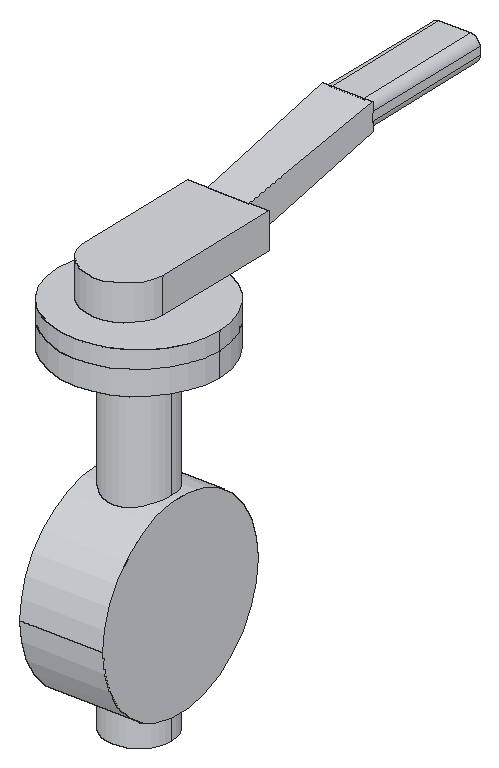
Revit family "HS497-67_disk-litina-s pákou DN065-RFA_2018", category Pipe Accessories, Revit 2018
Family settings
  Round Connector Dimension = Use Diameter
  Part Type = Valve - Breaks Into
  Work Plane-Based = No
  Always vertical = Yes
  Cut with Voids When Loaded = No
  Shared = No
Parameters (values of type "HS 497-67_DN065_PN16_s pákou")
  magiProductId = "ebeb4b59db0641caaf6d6635ab37b9"
  magiProductFamilyId = "53cea81e6f374d17b8841d9c72ad77"
  magiPartTypeId = 305
  isMeasuringValve [instance] = no
  ang2D [instance] = 0.00°
  X11 = 61.456 mm
  X1 = 25.456 mm
  W2D = 1000 mm
  VersionID = "2.0/2017.9.26.1/ZETKAMA_497_001"
  Use Minimum Symbol Size [instance] = yes
  URL = "http://www.hydronix.cz"
  Type Comments = "mezipřírubová; litinový disk; PN16; -10~+110°C (krátkodobě +120°C)"
  SW30 = no
  SW3 = no
  SW21 = no
  SW20 = yes
  SW2 = yes
  SW1 = no
  R = 32.5 mm
  QmdConnectorList = "301;D;302;D"
  Productdata [instance] = ""
  NC = 50 mm
  Model = ""
  Manufacturer = "Hydronix"  # constant formula
  MM20 = 25.456 mm
  MC Product Code = "120 065 (litinový disk, s pákou; DN65; PN16, kvs167)"
  M41 = 66 mm
  M4 = 44 mm
  LHL = 220 mm
  LHH3 = 2.45 mm
  LHH1 = 46.55 mm
  LH1 = 73.333 mm
  L4R__ve = -L4R  # -12.8 mm
  L4R = 12.8 mm
  L42__ve = -L42  # -96 mm
  L42 = 96 mm
  L41__ve = -L41  # -19.2 mm
  L41 = 19.2 mm
  L2D_Min = 3048 mm
  L2D = 216 mm
  L2 = 23 mm
  L1 = 36.8 mm
  L = 46 mm
  H = 30 mm
  G22 = 11.25 mm
  G2 = 22.5 mm
  G1 = 90 mm
  G = 90 mm
  F = 11 mm
  E44 = 31.25 mm
  E42 = 62.5 mm
  E4 = 125 mm
  E23 = 4.9 mm
  E22 = 19.6 mm
  E21 = 9.8 mm
  Description = "Mezipřírubová uzavírací klapka s pákou; litinový disk, DN65; PN16; kvs167"
  DR2 = 32.5 mm
  DR = 108 mm
  DD1 = 15.625 mm
  DD = 12.5 mm
  D = 65 mm
  CAT0 = yes
  B2__ve = -B2  # -36.5 mm
  B2 = 36.5 mm
  A2 = 13.5 mm
  A1 = 89 mm
Types (43, lengths in mm): name | magiProductId | X11 | X1 | Type Comments | SW30 | SW3 | SW20 | SW2 | SW1 | R | NC | MM20 | MC Product Code | M41 | M4 | LHL | LHH3 | LHH1 | LH1 | L4R__ve | L4R | L42__ve | L42 | L41__ve | L41 | L2 | L1 | L | H | G | F | E44 | E42 | E4 | E23 | E22 | E21 | Description | DR2 | DR | DD1 | DD | D | B2__ve | B2 | A2 | A1
  HS 497-67_DN100_PN16_volné vřeteno | "65d1b245f4f142c78569c0602d5754" | 61.456 | 25.456 | "mezipřírubová; litinový disk; PN16; -10~+110°C (krátkodobě +120°C)" | no | no | no | no | yes | 50 | 50 | 25.456 | "123 100 (litinový disk, s volným vřetenem; DN100; PN16, kvs512)" | 66 | 44 | 220 | 2.45 | 46.55 | 73.333 | -12.8 | 12.8 | -96 | 96 | -19.2 | 19.2 | 26 | 41.6 | 52 | 30 | 90 | 11 | 31.25 | 62.5 | 125 | 4.9 | 19.6 | 9.8 | "Mezipřírubová uzavírací klapka s volným vřetenem; litinový disk, DN100; PN16; kvs512" | 50 | 147 | 15.625 | 12.5 | 100 | -56 | 56 | 16.5 | 98.5
  HS 497-67_DN100_PN16_převodové kolo | "11e91b807e674d428c8e796fcdcfe2" | 61.456 | 25.456 | "mezipřírubová; litinový disk; PN16; -10~+110°C (krátkodobě +120°C)" | yes | yes | no | no | no | 50 | 50 | 25.456 | "125 100 (litinový disk, s převodovým kolem; DN100; PN16, kvs512)" | 65.25 | 43.5 | 220 | 2.45 | 46.55 | 73.333 | -12.8 | 12.8 | -96 | 96 | -19.2 | 19.2 | 26 | 41.6 | 52 | 30 | 90 | 11 | 31.25 | 62.5 | 125 | 4.9 | 19.6 | 9.8 | "Mezipřírubová uzavírací klapka s převodovým kolem; litinový disk, DN100; PN16; kvs512" | 50 | 147 | 15.625 | 12.5 | 100 | -56 | 56 | 16.5 | 98.5
  HS 497-67_DN100_PN16_s pákou | "28172f0b3f4b47b28323ac71cf8749" | 61.456 | 25.456 | "mezipřírubová; litinový disk; PN16; -10~+110°C (krátkodobě +120°C)" | no | no | yes | yes | no | 50 | 50 | 25.456 | "120 100 (litinový disk, s pákou; DN100; PN16, kvs512)" | 66 | 44 | 260 | 3 | 57 | 86.667 | -12.8 | 12.8 | -96 | 96 | -19.2 | 19.2 | 26 | 41.6 | 52 | 30 | 90 | 11 | 31.25 | 62.5 | 125 | 6 | 24 | 12 | "Mezipřírubová uzavírací klapka s pákou; litinový disk, DN100; PN16; kvs512" | 50 | 147 | 15.625 | 12.5 | 100 | -56 | 56 | 16.5 | 98.5
  HS 497-67_DN125_PN16_volné vřeteno | "0d813d910fc14f628bb3c2efbd185c" | 61.456 | 25.456 | "mezipřírubová; litinový disk; PN16; -10~+110°C (krátkodobě +120°C)" | no | no | no | no | yes | 62.5 | 50 | 25.456 | "123 125 (litinový disk, s volným vřetenem; DN125; PN16, kvs872)" | 66 | 44 | 220 | 2.45 | 46.55 | 73.333 | -12.8 | 12.8 | -96 | 96 | -19.2 | 19.2 | 28 | 44.8 | 56 | 33 | 90 | 14 | 31.25 | 62.5 | 125 | 4.9 | 19.6 | 9.8 | "Mezipřírubová uzavírací klapka s volným vřetenem; litinový disk, DN125; PN16; kvs872" | 62.5 | 180 | 15.625 | 12.5 | 125 | -64 | 64 | 18 | 99.5
  HS 497-67_DN125_PN16_převodové kolo | "c56b7c13f372467684996fb1e0e229" | 61.456 | 25.456 | "mezipřírubová; litinový disk; PN16; -10~+110°C (krátkodobě +120°C)" | yes | yes | no | no | no | 62.5 | 50 | 25.456 | "125 125 (litinový disk, s převodovým kolem; DN125; PN16, kvs872)" | 65.25 | 43.5 | 220 | 2.45 | 46.55 | 73.333 | -13.5 | 13.5 | -101.25 | 101.25 | -20.25 | 20.25 | 28 | 44.8 | 56 | 33 | 90 | 14 | 40 | 80 | 160 | 4.9 | 19.6 | 9.8 | "Mezipřírubová uzavírací klapka s převodovým kolem; litinový disk, DN125; PN16; kvs872" | 62.5 | 180 | 20 | 16 | 125 | -64 | 64 | 18 | 99.5
  HS 497-67_DN125_PN16_s pákou | "105993c79a91492399feef7931321a" | 61.456 | 25.456 | "mezipřírubová; litinový disk; PN16; -10~+110°C (krátkodobě +120°C)" | no | no | yes | yes | no | 62.5 | 50 | 25.456 | "120 125 (litinový disk, s pákou; DN125; PN16, kvs872)" | 66 | 44 | 315 | 3.75 | 71.25 | 105 | -12.8 | 12.8 | -96 | 96 | -19.2 | 19.2 | 28 | 44.8 | 56 | 33 | 90 | 14 | 31.25 | 62.5 | 125 | 7.5 | 30 | 15 | "Mezipřírubová uzavírací klapka s pákou; litinový disk, DN125; PN16; kvs872" | 62.5 | 180 | 15.625 | 12.5 | 125 | -64 | 64 | 18 | 99.5
  HS 497-67_DN150_PN16_volné vřeteno | "50c80cb8ab434f55ab7796e5ac1331" | 61.456 | 25.456 | "mezipřírubová; litinový disk; PN16; -10~+110°C (krátkodobě +120°C)" | no | no | no | no | yes | 75 | 50 | 25.456 | "123 150 (litinový disk, s volným vřetenem; DN150; PN16, kvs1347)" | 66 | 44 | 220 | 2.45 | 46.55 | 73.333 | -12.8 | 12.8 | -96 | 96 | -19.2 | 19.2 | 28 | 44.8 | 56 | 33 | 90 | 14 | 31.25 | 62.5 | 125 | 4.9 | 19.6 | 9.8 | "Mezipřírubová uzavírací klapka s volným vřetenem; litinový disk, DN150; PN16; kvs1347" | 75 | 206 | 15.625 | 12.5 | 150 | -58 | 58 | 19.3 | 98.7
  HS 497-67_DN150_PN16_převodové kolo | "d94a1a0cf83b476eb10011b327f709" | 61.456 | 25.456 | "mezipřírubová; litinový disk; PN16; -10~+110°C (krátkodobě +120°C)" | yes | yes | no | no | no | 75 | 50 | 25.456 | "125 150 (litinový disk, s převodovým kolem; DN150; PN16, kvs1347)" | 65.25 | 43.5 | 220 | 2.45 | 46.55 | 73.333 | -13.5 | 13.5 | -101.25 | 101.25 | -20.25 | 20.25 | 28 | 44.8 | 56 | 33 | 90 | 14 | 40 | 80 | 160 | 4.9 | 19.6 | 9.8 | "Mezipřírubová uzavírací klapka s převodovým kolem; litinový disk, DN150; PN16; kvs1347" | 75 | 206 | 20 | 16 | 150 | -58 | 58 | 19.3 | 98.7
  HS 497-67_DN150_PN16_s pákou | "4d2835523fe84828bc50ff0a5a0dfb" | 61.456 | 25.456 | "mezipřírubová; litinový disk; PN16; -10~+110°C (krátkodobě +120°C)" | no | no | yes | yes | no | 75 | 50 | 25.456 | "120 150 (litinový disk, s pákou; DN150; PN16, kvs1347)" | 66 | 44 | 315 | 3.75 | 71.25 | 105 | -12.8 | 12.8 | -96 | 96 | -19.2 | 19.2 | 28 | 44.8 | 56 | 33 | 90 | 14 | 31.25 | 62.5 | 125 | 7.5 | 30 | 15 | "Mezipřírubová uzavírací klapka s pákou; litinový disk, DN150; PN16; kvs1347" | 75 | 206 | 15.625 | 12.5 | 150 | -58 | 58 | 19.3 | 98.7
  HS 497-67_DN200_PN16_volné vřeteno | "5b29029eaeba47139ee1055a4b9201" | 61.456 | 25.456 | "mezipřírubová; litinový disk; PN16; -10~+110°C (krátkodobě +120°C)" | no | no | no | no | yes | 100 | 50 | 25.456 | "123 200 (litinový disk, s volným vřetenem; DN200; PN16, kvs2675)" | 66 | 44 | 220 | 2.45 | 46.55 | 73.333 | -12.8 | 12.8 | -96 | 96 | -19.2 | 19.2 | 30 | 48 | 60 | 33 | 90 | 17 | 31.25 | 62.5 | 125 | 4.9 | 19.6 | 9.8 | "Mezipřírubová uzavírací klapka s volným vřetenem; litinový disk, DN200; PN16; kvs2675" | 100 | 257 | 15.625 | 12.5 | 200 | -70 | 70 | 22.5 | 102.5
  HS 497-67_DN200_PN16_převodové kolo | "b2793cc1fcc44cf2a35062cd67c04f" | 61.456 | 25.456 | "mezipřírubová; litinový disk; PN16; -10~+110°C (krátkodobě +120°C)" | yes | yes | no | no | no | 100 | 57 | 25.456 | "125 200 (litinový disk, s převodovým kolem; DN200; PN16, kvs2675)" | 78.75 | 52.5 | 220 | 2.45 | 46.55 | 73.333 | -15.2 | 15.2 | -114 | 114 | -22.8 | 22.8 | 30 | 48 | 60 | 33 | 90 | 17 | 50 | 100 | 200 | 4.9 | 19.6 | 9.8 | "Mezipřírubová uzavírací klapka s převodovým kolem; litinový disk, DN200; PN16; kvs2675" | 100 | 257 | 25 | 20 | 200 | -70 | 70 | 22.5 | 102.5
  HS 497-67_DN200_PN16_s pákou | "f88d96c7af224537a51e72d7d8fffe" | 61.456 | 25.456 | "mezipřírubová; litinový disk; PN16; -10~+110°C (krátkodobě +120°C)" | no | no | yes | yes | no | 100 | 50 | 25.456 | "120 200 (litinový disk, s pákou; DN200; PN16, kvs2675)" | 66 | 44 | 315 | 3.75 | 71.25 | 105 | -12.8 | 12.8 | -96 | 96 | -19.2 | 19.2 | 30 | 48 | 60 | 33 | 90 | 17 | 31.25 | 62.5 | 125 | 7.5 | 30 | 15 | "Mezipřírubová uzavírací klapka s pákou; litinový disk, DN200; PN16; kvs2675" | 100 | 257 | 15.625 | 12.5 | 200 | -70 | 70 | 22.5 | 102.5
  HS 497-67_DN250_PN16_volné vřeteno | "b662e8305ca2402b9c510e66e6aa55" | 88.77 | 36.77 | "mezipřírubová; litinový disk; PN16; -10~+110°C (krátkodobě +120°C)" | no | no | no | no | yes | 125 | 50 | 36.77 | "123 250 (litinový disk, s volným vřetenem; DN250; PN16, kvs4555)" | 66 | 44 | 220 | 2.45 | 46.55 | 73.333 | -12.8 | 12.8 | -96 | 96 | -19.2 | 19.2 | 34 | 54.4 | 68 | 23 | 130 | 22 | 31.25 | 62.5 | 125 | 4.9 | 19.6 | 9.8 | "Mezipřírubová uzavírací klapka s volným vřetenem; litinový disk, DN250; PN16; kvs4555" | 125 | 324 | 15.625 | 12.5 | 250 | -85 | 85 | 28.25 | 129.25
  HS 497-67_DN250_PN16_převodové kolo | "5ee9016806664ddfaa2632711f295c" | 88.77 | 36.77 | "mezipřírubová; litinový disk; PN16; -10~+110°C (krátkodobě +120°C)" | yes | yes | no | no | no | 125 | 70 | 36.77 | "125 250 (litinový disk, s převodovým kolem; DN250; PN16, kvs4555)" | 91.5 | 61 | 220 | 2.45 | 46.55 | 73.333 | -22.2 | 22.2 | -166.5 | 166.5 | -33.3 | 33.3 | 34 | 54.4 | 68 | 23 | 130 | 22 | 62.5 | 125 | 250 | 4.9 | 19.6 | 9.8 | "Mezipřírubová uzavírací klapka s převodovým kolem; litinový disk, DN250; PN16; kvs4555" | 125 | 324 | 31.25 | 25 | 250 | -85 | 85 | 28.25 | 129.25
  HS 497-67_DN300_PN16_volné vřeteno | "e1886f51ff004380a649519258edf2" | 88.77 | 36.77 | "mezipřírubová; litinový disk; PN16; -10~+110°C (krátkodobě +120°C)" | no | no | no | no | yes | 150 | 50 | 36.77 | "123 300 (litinový disk, s volným vřetenem; DN300; PN16, kvs7037)" | 66 | 44 | 220 | 2.45 | 46.55 | 73.333 | -12.8 | 12.8 | -96 | 96 | -19.2 | 19.2 | 39 | 62.4 | 78 | 23 | 130 | 22 | 31.25 | 62.5 | 125 | 4.9 | 19.6 | 9.8 | "Mezipřírubová uzavírací klapka s volným vřetenem; litinový disk, DN300; PN16; kvs7037" | 150 | 376 | 15.625 | 12.5 | 300 | -90 | 90 | 30.8 | 127.2
  HS 497-67_DN300_PN16_převodové kolo | "6860f094f77d42088fbebc3c97f755" | 88.77 | 36.77 | "mezipřírubová; litinový disk; PN16; -10~+110°C (krátkodobě +120°C)" | yes | yes | no | no | no | 150 | 70 | 36.77 | "125 300 (litinový disk, s převodovým kolem; DN300; PN16, kvs7037)" | 91.5 | 61 | 220 | 2.45 | 46.55 | 73.333 | -22.2 | 22.2 | -166.5 | 166.5 | -33.3 | 33.3 | 39 | 62.4 | 78 | 23 | 130 | 22 | 62.5 | 125 | 250 | 4.9 | 19.6 | 9.8 | "Mezipřírubová uzavírací klapka s převodovým kolem; litinový disk, DN300; PN16; kvs7037" | 150 | 376 | 31.25 | 25 | 300 | -90 | 90 | 30.8 | 127.2
  HS 497-67_DN032_PN16_volné vřeteno | "8c5f65de52aa4067a77564107e31b2" | 61.456 | 25.456 | "mezipřírubová; litinový disk; PN16; -10~+110°C (krátkodobě +120°C)" | no | no | no | no | yes | 16 | 50 | 25.456 | "123 032 (litinový disk, s volným vřetenem; DN32; PN16, kvs78)" | 66 | 44 | 220 | 2.45 | 46.55 | 73.333 | -12.8 | 12.8 | -96 | 96 | -19.2 | 19.2 | 16.5 | 26.4 | 33 | 30 | 90 | 11 | 31.25 | 62.5 | 125 | 4.9 | 19.6 | 9.8 | "Mezipřírubová uzavírací klapka s volným vřetenem; litinový disk, DN32; PN16; kvs78" | 16 | 68 | 15.625 | 12.5 | 32 | -44.2 | 44.2 | 10.25 | 76.25
  HS 497-67_DN032_PN16_převodové kolo | "60aaeffa8b3a4e809ef000e4660060" | 61.456 | 25.456 | "mezipřírubová; litinový disk; PN16; -10~+110°C (krátkodobě +120°C)" | yes | yes | no | no | no | 16 | 50 | 25.456 | "125 032 (litinový disk, s převodovým kolem; DN32; PN16, kvs78)" | 65.25 | 43.5 | 220 | 2.45 | 46.55 | 73.333 | -12.8 | 12.8 | -96 | 96 | -19.2 | 19.2 | 16.5 | 26.4 | 33 | 30 | 90 | 11 | 31.25 | 62.5 | 125 | 4.9 | 19.6 | 9.8 | "Mezipřírubová uzavírací klapka s převodovým kolem; litinový disk, DN32; PN16; kvs78" | 16 | 68 | 15.625 | 12.5 | 32 | -44.2 | 44.2 | 10.25 | 76.25
  HS 497-67_DN032_PN16_s pákou | "9ad8088d610749a1b871aa2aad8007" | 61.456 | 25.456 | "mezipřírubová; litinový disk; PN16; -10~+110°C (krátkodobě +120°C)" | no | no | yes | yes | no | 16 | 50 | 25.456 | "120 032 (litinový disk, s pákou; DN32; PN16, kvs78)" | 66 | 44 | 220 | 2.45 | 46.55 | 73.333 | -12.8 | 12.8 | -96 | 96 | -19.2 | 19.2 | 16.5 | 26.4 | 33 | 30 | 90 | 11 | 31.25 | 62.5 | 125 | 4.9 | 19.6 | 9.8 | "Mezipřírubová uzavírací klapka s pákou; litinový disk, DN32; PN16; kvs78" | 16 | 68 | 15.625 | 12.5 | 32 | -44.2 | 44.2 | 10.25 | 76.25
  HS 497-67_DN350_PN10_volné vřeteno | "72a1e05f22944421b7e9596a877137" | 109.255 | 45.255 | "mezipřírubová; litinový disk; PN10; -10~+110°C (krátkodobě +120°C)" | no | no | no | no | yes | 175 | 50 | 45.255 | "123 350 (litinový disk, s volným vřetenem; DN350; PN10, kvs10165)" | 66 | 44 | 220 | 2.45 | 46.55 | 73.333 | -12.8 | 12.8 | -96 | 96 | -19.2 | 19.2 | 39 | 62.4 | 78 | 31 | 160 | 22 | 31.25 | 62.5 | 125 | 4.9 | 19.6 | 9.8 | "Mezipřírubová uzavírací klapka s volným vřetenem; litinový disk, DN350; PN10; kvs10165" | 175 | 430 | 15.625 | 12.5 | 350 | -88 | 88 | 33.85 | 129.65
  HS 497-67_DN350_PN10_převodové kolo | "a5a01426cb28494ba3afca92f1dace" | 109.255 | 45.255 | "mezipřírubová; litinový disk; PN10; -10~+110°C (krátkodobě +120°C)" | yes | yes | no | no | no | 175 | 70 | 45.255 | "125 350 (litinový disk, s převodovým kolem; DN350; PN10, kvs10165)" | 91.5 | 61 | 220 | 2.45 | 46.55 | 73.333 | -22.2 | 22.2 | -166.5 | 166.5 | -33.3 | 33.3 | 39 | 62.4 | 78 | 31 | 160 | 22 | 62.5 | 125 | 250 | 4.9 | 19.6 | 9.8 | "Mezipřírubová uzavírací klapka s převodovým kolem; litinový disk, DN350; PN10; kvs10165" | 175 | 430 | 31.25 | 25 | 350 | -88 | 88 | 33.85 | 129.65
  HS 497-67_DN400_PN10_volné vřeteno | "c70ebeb927c04ab99b176e257ad0a7" | 109.255 | 45.255 | "mezipřírubová; litinový disk; PN10; -10~+110°C (krátkodobě +120°C)" | no | no | no | no | yes | 200 | 50 | 45.255 | "123 400 (litinový disk, s volným vřetenem; DN400; PN10, kvs13799)" | 66 | 44 | 220 | 2.45 | 46.55 | 73.333 | -12.8 | 12.8 | -96 | 96 | -19.2 | 19.2 | 51 | 81.6 | 102 | 31 | 160 | 27 | 31.25 | 62.5 | 125 | 4.9 | 19.6 | 9.8 | "Mezipřírubová uzavírací klapka s volným vřetenem; litinový disk, DN400; PN10; kvs13799" | 200 | 485 | 15.625 | 12.5 | 400 | -108 | 108 | 38 | 142
  HS 497-67_DN400_PN10_převodové kolo | "cc64a4384dcb41b780d81810f4f293" | 109.255 | 45.255 | "mezipřírubová; litinový disk; PN10; -10~+110°C (krátkodobě +120°C)" | yes | yes | no | no | no | 200 | 72.5 | 45.255 | "125 400 (litinový disk, s převodovým kolem; DN400; PN10, kvs13799)" | 103.5 | 69 | 220 | 2.45 | 46.55 | 73.333 | -27.8 | 27.8 | -208.5 | 208.5 | -41.7 | 41.7 | 51 | 81.6 | 102 | 31 | 160 | 27 | 75 | 150 | 300 | 4.9 | 19.6 | 9.8 | "Mezipřírubová uzavírací klapka s převodovým kolem; litinový disk, DN400; PN10; kvs13799" | 200 | 485 | 37.5 | 30 | 400 | -108 | 108 | 38 | 142
  HS 497-67_DN040_PN16_volné vřeteno | "35f92312390745e88df5b5c325d9ee" | 61.456 | 25.456 | "mezipřírubová; litinový disk; PN16; -10~+110°C (krátkodobě +120°C)" | no | no | no | no | yes | 20 | 50 | 25.456 | "123 040 (litinový disk, s volným vřetenem; DN40; PN16, kvs78)" | 66 | 44 | 220 | 2.45 | 46.55 | 73.333 | -12.8 | 12.8 | -96 | 96 | -19.2 | 19.2 | 16.5 | 26.4 | 33 | 30 | 90 | 11 | 31.25 | 62.5 | 125 | 4.9 | 19.6 | 9.8 | "Mezipřírubová uzavírací klapka s volným vřetenem; litinový disk, DN40; PN16; kvs78" | 20 | 76 | 15.625 | 12.5 | 40 | -36 | 36 | 11 | 79
  HS 497-67_DN040_PN16_převodové kolo | "d88e968eae3445bc9b7b4e6ff35127" | 61.456 | 25.456 | "mezipřírubová; litinový disk; PN16; -10~+110°C (krátkodobě +120°C)" | yes | yes | no | no | no | 20 | 50 | 25.456 | "125 040 (litinový disk, s převodovým kolem; DN40; PN16, kvs78)" | 65.25 | 43.5 | 220 | 2.45 | 46.55 | 73.333 | -12.8 | 12.8 | -96 | 96 | -19.2 | 19.2 | 16.5 | 26.4 | 33 | 30 | 90 | 11 | 31.25 | 62.5 | 125 | 4.9 | 19.6 | 9.8 | "Mezipřírubová uzavírací klapka s převodovým kolem; litinový disk, DN40; PN16; kvs78" | 20 | 76 | 15.625 | 12.5 | 40 | -36 | 36 | 11 | 79
  HS 497-67_DN040_PN16_s pákou | "c1b522ca65b4407a98818f232eaacb" | 61.456 | 25.456 | "mezipřírubová; litinový disk; PN16; -10~+110°C (krátkodobě +120°C)" | no | no | yes | yes | no | 20 | 50 | 25.456 | "120 040 (litinový disk, s pákou; DN40; PN16, kvs78)" | 66 | 44 | 220 | 2.45 | 46.55 | 73.333 | -12.8 | 12.8 | -96 | 96 | -19.2 | 19.2 | 16.5 | 26.4 | 33 | 30 | 90 | 11 | 31.25 | 62.5 | 125 | 4.9 | 19.6 | 9.8 | "Mezipřírubová uzavírací klapka s pákou; litinový disk, DN40; PN16; kvs78" | 20 | 76 | 15.625 | 12.5 | 40 | -36 | 36 | 11 | 79
  HS 497-67_DN450_PN10_volné vřeteno | "a8358bc282f14872b3194e530e590a" | 129.74 | 53.74 | "mezipřírubová; litinový disk; PN10; -10~+110°C (krátkodobě +120°C)" | no | no | no | no | yes | 225 | 50 | 53.74 | "123 450 (litinový disk, s volným vřetenem; DN450; PN10, kvs18514)" | 66 | 44 | 220 | 2.45 | 46.55 | 73.333 | -12.8 | 12.8 | -96 | 96 | -19.2 | 19.2 | 57 | 91.2 | 114 | 38 | 190 | 36 | 31.25 | 62.5 | 125 | 4.9 | 19.6 | 9.8 | "Mezipřírubová uzavírací klapka s volným vřetenem; litinový disk, DN450; PN10; kvs18514" | 225 | 536 | 15.625 | 12.5 | 450 | -115 | 115 | 38.05 | 117.45
  HS 497-67_DN450_PN10_převodové kolo | "cdf2d80f54a9414f9cbe50647c0ebd" | 129.74 | 53.74 | "mezipřírubová; litinový disk; PN10; -10~+110°C (krátkodobě +120°C)" | yes | yes | no | no | no | 225 | 91.5 | 53.74 | "125 450 (litinový disk, s převodovým kolem; DN450; PN10, kvs18514)" | 144.75 | 96.5 | 220 | 2.45 | 46.55 | 73.333 | -32.1 | 32.1 | -240.75 | 240.75 | -48.15 | 48.15 | 57 | 91.2 | 114 | 38 | 190 | 36 | 100 | 200 | 400 | 4.9 | 19.6 | 9.8 | "Mezipřírubová uzavírací klapka s převodovým kolem; litinový disk, DN450; PN10; kvs18514" | 225 | 536 | 50 | 40 | 450 | -115 | 115 | 38.05 | 117.45
  HS 497-67_DN500_PN10_volné vřeteno | "8c396e27bb2743f98f3c762b6517cd" | 143.397 | 59.397 | "mezipřírubová; litinový disk; PN10; -10~+110°C (krátkodobě +120°C)" | no | no | no | no | yes | 250 | 50 | 59.397 | "123 500 (litinový disk, s volným vřetenem; DN500; PN10, kvs23805)" | 66 | 44 | 220 | 2.45 | 46.55 | 73.333 | -12.8 | 12.8 | -96 | 96 | -19.2 | 19.2 | 63.5 | 101.6 | 127 | 38 | 210 | 36 | 31.25 | 62.5 | 125 | 4.9 | 19.6 | 9.8 | "Mezipřírubová uzavírací klapka s volným vřetenem; litinový disk, DN500; PN10; kvs23805" | 250 | 593 | 15.625 | 12.5 | 500 | -130 | 130 | 43.25 | 139.25
  HS 497-67_DN500_PN10_převodové kolo | "7647804f32e94cef828a7034a91a46" | 143.397 | 59.397 | "mezipřírubová; litinový disk; PN10; -10~+110°C (krátkodobě +120°C)" | yes | yes | no | no | no | 250 | 91.5 | 59.397 | "125 500 (litinový disk, s převodovým kolem; DN500; PN10, kvs23805)" | 144.75 | 96.5 | 220 | 2.45 | 46.55 | 73.333 | -32.1 | 32.1 | -240.75 | 240.75 | -48.15 | 48.15 | 63.5 | 101.6 | 127 | 38 | 210 | 36 | 100 | 200 | 400 | 4.9 | 19.6 | 9.8 | "Mezipřírubová uzavírací klapka s převodovým kolem; litinový disk, DN500; PN10; kvs23805" | 250 | 593 | 50 | 40 | 500 | -130 | 130 | 43.25 | 139.25
  HS 497-67_DN050_PN16_volné vřeteno | "d71f296ecd6d4adf8f6e5d9853b4e0" | 61.456 | 25.456 | "mezipřírubová; litinový disk; PN16; -10~+110°C (krátkodobě +120°C)" | no | no | no | no | yes | 25 | 50 | 25.456 | "123 050 (litinový disk, s volným vřetenem; DN50; PN16, kvs98)" | 66 | 44 | 220 | 2.45 | 46.55 | 73.333 | -12.8 | 12.8 | -96 | 96 | -19.2 | 19.2 | 21.5 | 34.4 | 43 | 30 | 90 | 11 | 31.25 | 62.5 | 125 | 4.9 | 19.6 | 9.8 | "Mezipřírubová uzavírací klapka s volným vřetenem; litinový disk, DN50; PN16; kvs98" | 25 | 100 | 15.625 | 12.5 | 50 | -36.5 | 36.5 | 12 | 83
  HS 497-67_DN050_PN16_převodové kolo | "2fb080deeaed49c58418b94c1da5a4" | 61.456 | 25.456 | "mezipřírubová; litinový disk; PN16; -10~+110°C (krátkodobě +120°C)" | yes | yes | no | no | no | 25 | 50 | 25.456 | "125 050 (litinový disk, s převodovým kolem; DN50; PN16, kvs98)" | 65.25 | 43.5 | 220 | 2.45 | 46.55 | 73.333 | -12.8 | 12.8 | -96 | 96 | -19.2 | 19.2 | 21.5 | 34.4 | 43 | 30 | 90 | 11 | 31.25 | 62.5 | 125 | 4.9 | 19.6 | 9.8 | "Mezipřírubová uzavírací klapka s převodovým kolem; litinový disk, DN50; PN16; kvs98" | 25 | 100 | 15.625 | 12.5 | 50 | -36.5 | 36.5 | 12 | 83
  HS 497-67_DN050_PN16_s pákou | "dabc632061f94877a994b9b4e68112" | 61.456 | 25.456 | "mezipřírubová; litinový disk; PN16; -10~+110°C (krátkodobě +120°C)" | no | no | yes | yes | no | 25 | 50 | 25.456 | "120 050 (litinový disk, s pákou; DN50; PN16, kvs98)" | 66 | 44 | 220 | 2.45 | 46.55 | 73.333 | -12.8 | 12.8 | -96 | 96 | -19.2 | 19.2 | 21.5 | 34.4 | 43 | 30 | 90 | 11 | 31.25 | 62.5 | 125 | 4.9 | 19.6 | 9.8 | "Mezipřírubová uzavírací klapka s pákou; litinový disk, DN50; PN16; kvs98" | 25 | 100 | 15.625 | 12.5 | 50 | -36.5 | 36.5 | 12 | 83
  HS 497-67_DN600_PN10_volné vřeteno | "99d5892c14664fce81a7c5903f7711" | 143.397 | 59.397 | "mezipřírubová; litinový disk; PN10; -10~+110°C (krátkodobě +120°C)" | no | no | no | no | yes | 300 | 50 | 59.397 | "123 600 (litinový disk, s volným vřetenem; DN600; PN10, kvs36778)" | 66 | 44 | 220 | 2.45 | 46.55 | 73.333 | -12.8 | 12.8 | -96 | 96 | -19.2 | 19.2 | 77 | 123.2 | 154 | 80 | 210 | 60 | 31.25 | 62.5 | 125 | 4.9 | 19.6 | 9.8 | "Mezipřírubová uzavírací klapka s volným vřetenem; litinový disk, DN600; PN10; kvs36788" | 300 | 690 | 15.625 | 12.5 | 600 | -140 | 140 | 49.4 | 144.6
  HS 497-67_DN600_PN10_převodové kolo | "b1e26faab48a4c499f6bb11e7e3002" | 143.397 | 59.397 | "mezipřírubová; litinový disk; PN10; -10~+110°C (krátkodobě +120°C)" | yes | yes | no | no | no | 300 | 140 | 59.397 | "125 600 (litinový disk, s převodovým kolem; DN600; PN10, kvs36778)" | 206.25 | 137.5 | 220 | 2.45 | 46.55 | 73.333 | -40.8 | 40.8 | -306 | 306 | -61.2 | 61.2 | 77 | 123.2 | 154 | 80 | 210 | 60 | 125 | 250 | 500 | 4.9 | 19.6 | 9.8 | "Mezipřírubová uzavírací klapka s převodovým kolem; litinový disk, DN600; PN10; kvs36788" | 300 | 690 | 62.5 | 50 | 600 | -140 | 140 | 49.4 | 144.6
  HS 497-67_DN065_PN16_volné vřeteno | "5e5e208646e34ec29f889baab5d08e" | 61.456 | 25.456 | "mezipřírubová; litinový disk; PN16; -10~+110°C (krátkodobě +120°C)" | no | no | no | no | yes | 32.5 | 50 | 25.456 | "123 065 (litinový disk, s volným vřetenem; DN65; PN16, kvs167)" | 66 | 44 | 220 | 2.45 | 46.55 | 73.333 | -12.8 | 12.8 | -96 | 96 | -19.2 | 19.2 | 23 | 36.8 | 46 | 30 | 90 | 11 | 31.25 | 62.5 | 125 | 4.9 | 19.6 | 9.8 | "Mezipřírubová uzavírací klapka s volným vřetenem; litinový disk, DN65; PN16; kv167" | 32.5 | 108 | 15.625 | 12.5 | 65 | -36.5 | 36.5 | 13.5 | 89
  HS 497-67_DN065_PN16_převodové kolo | "654d74c8d15540b0bfe523d988ccb3" | 61.456 | 25.456 | "mezipřírubová; litinový disk; PN16; -10~+110°C (krátkodobě +120°C)" | yes | yes | no | no | no | 32.5 | 50 | 25.456 | "125 065 (litinový disk, s převodovým kolem; DN65; PN16, kvs167)" | 65.25 | 43.5 | 220 | 2.45 | 46.55 | 73.333 | -12.8 | 12.8 | -96 | 96 | -19.2 | 19.2 | 23 | 36.8 | 46 | 30 | 90 | 11 | 31.25 | 62.5 | 125 | 4.9 | 19.6 | 9.8 | "Mezipřírubová uzavírací klapka s převodovým kolem; litinový disk, DN65; PN16; kvs167" | 32.5 | 108 | 15.625 | 12.5 | 65 | -36.5 | 36.5 | 13.5 | 89
  HS 497-67_DN065_PN16_s pákou | "ebeb4b59db0641caaf6d6635ab37b9" | 61.456 | 25.456 | "mezipřírubová; litinový disk; PN16; -10~+110°C (krátkodobě +120°C)" | no | no | yes | yes | no | 32.5 | 50 | 25.456 | "120 065 (litinový disk, s pákou; DN65; PN16, kvs167)" | 66 | 44 | 220 | 2.45 | 46.55 | 73.333 | -12.8 | 12.8 | -96 | 96 | -19.2 | 19.2 | 23 | 36.8 | 46 | 30 | 90 | 11 | 31.25 | 62.5 | 125 | 4.9 | 19.6 | 9.8 | "Mezipřírubová uzavírací klapka s pákou; litinový disk, DN65; PN16; kvs167" | 32.5 | 108 | 15.625 | 12.5 | 65 | -36.5 | 36.5 | 13.5 | 89
  HS 497-67_DN080_PN16_volné vřeteno | "9e85c75c18654e1185a9c48ed6b00e" | 61.456 | 25.456 | "mezipřírubová; litinový disk; PN16; -10~+110°C (krátkodobě +120°C)" | no | no | no | no | yes | 40 | 50 | 25.456 | "123 080 (litinový disk, s volným vřetenem; DN80; PN16, kvs258)" | 66 | 44 | 220 | 2.45 | 46.55 | 73.333 | -12.8 | 12.8 | -96 | 96 | -19.2 | 19.2 | 23 | 36.8 | 46 | 30 | 90 | 11 | 31.25 | 62.5 | 125 | 4.9 | 19.6 | 9.8 | "Mezipřírubová uzavírací klapka s volným vřetenem; litinový disk, DN80; PN16; kvs258" | 40 | 124 | 15.625 | 12.5 | 80 | -54 | 54 | 14.1 | 86.9
  HS 497-67_DN080_PN16_převodové kolo | "5b3c8238c3d041e68c75b199e7ea46" | 61.456 | 25.456 | "mezipřírubová; litinový disk; PN16; -10~+110°C (krátkodobě +120°C)" | yes | yes | no | no | no | 40 | 50 | 25.456 | "125 080 (litinový disk, s převodovým kolem; DN80; PN16, kvs258)" | 65.25 | 43.5 | 220 | 2.45 | 46.55 | 73.333 | -12.8 | 12.8 | -96 | 96 | -19.2 | 19.2 | 23 | 36.8 | 46 | 30 | 90 | 11 | 31.25 | 62.5 | 125 | 4.9 | 19.6 | 9.8 | "Mezipřírubová uzavírací klapka s převodovým kolem; litinový disk, DN80; PN16; kvs258" | 40 | 124 | 15.625 | 12.5 | 80 | -54 | 54 | 14.1 | 86.9
  HS 497-67_DN080_PN16_s pákou | "e414795fab0f4eccb99bc3572c5477" | 61.456 | 25.456 | "mezipřírubová; litinový disk; PN16; -10~+110°C (krátkodobě +120°C)" | no | no | yes | yes | no | 40 | 50 | 25.456 | "120 080 (litinový disk, s pákou; DN80; PN16, kvs258)" | 66 | 44 | 260 | 3 | 57 | 86.667 | -12.8 | 12.8 | -96 | 96 | -19.2 | 19.2 | 23 | 36.8 | 46 | 30 | 90 | 11 | 31.25 | 62.5 | 125 | 6 | 24 | 12 | "Mezipřírubová uzavírací klapka s pákou; litinový disk, DN80; PN16; kvs258" | 40 | 124 | 15.625 | 12.5 | 80 | -54 | 54 | 14.1 | 86.9
  HS 497-67_DN250_PN16_s pákou | "" | 88.77 | 36.77 | "mezipřírubová; litinový disk; PN16; -10~+110°C (krátkodobě +120°C)" | no | no | yes | yes | no | 125 | 70 | 36.77 | "120 250 (litinový disk, s pákou; DN250; PN16, kvs4555)" | 91.5 | 61 | 220 | 2.45 | 46.55 | 73.333 | -22.2 | 22.2 | -166.5 | 166.5 | -33.3 | 33.3 | 34 | 54.4 | 68 | 23 | 130 | 22 | 62.5 | 125 | 250 | 4.9 | 19.6 | 9.8 | "Mezipřírubová uzavírací klapka s pákou; litinový disk, DN250; PN16; kvs4555" | 125 | 324 | 31.25 | 25 | 250 | -85 | 85 | 28.25 | 129.25
  HS 497-67_DN300_PN16_s pákou | "" | 88.77 | 36.77 | "mezipřírubová; litinový disk; PN16; -10~+110°C (krátkodobě +120°C)" | no | no | yes | yes | no | 150 | 70 | 36.77 | "120 300 (litinový disk, s pákou; DN300; PN16, kvs7037)" | 91.5 | 61 | 220 | 2.45 | 46.55 | 73.333 | -22.2 | 22.2 | -166.5 | 166.5 | -33.3 | 33.3 | 39 | 62.4 | 78 | 23 | 130 | 22 | 62.5 | 125 | 250 | 4.9 | 19.6 | 9.8 | "Mezipřírubová uzavírací klapka s pákou; litinový disk, DN300; PN16; kvs7037" | 150 | 376 | 31.25 | 25 | 300 | -90 | 90 | 30.8 | 127.2
Reference planes
  plane 1 "Center (Front/Back)": y = 0
  plane 2 "XYPLANE": z = 0
  plane 3 "Center (Left/Right)": x = 0
  plane 4 "473": x = -25.456
  plane 5 "472": x = -66
  plane 6 "471": y = -25.456
  plane 7 "470": y = 25.456
  plane 8 "469": x = -44
  plane 9 "468": y = -115.2
  plane 10 "467": y = -96
  plane 11 "466": z = 166.25
  plane 12 "465": z = 181.55
  plane 13 "464": y = 145.417
  plane 14 "463": z = 171.75
  plane 15 "462": z = 154.6
  plane 16 "461": z = 164.4
  plane 17 "460": y = 72.083
  plane 18 "459": x = -11.25
  plane 19 "458": x = 11.25
  plane 20 "457": y = -6.25
  plane 21 "456": x = -17.5
  plane 22 "455": x = 17.5
  plane 23 "454": z = 169.3
  plane 24 "453": y = 62.083
  plane 25 "452": y = -11.25
  plane 26 "451": x = -22.5
  plane 27 "450": x = 22.5
  plane 28 "449": z = 149.7
  plane 29 "448": z = 144.8
  plane 30 "447": z = -32.5
  plane 31 "446": z = 135
  plane 32 "445": z = 121.5
  plane 33 "444": z = 32.5
  plane 34 "443": x = 23
  plane 35 "442": x = -23
  plane 36 "441": z = 0
  plane 37 "440": y = 0
  plane 38 "439": x = 0
  plane 39 "438": z = 184
  plane 40 "437": z = 169.3
  plane 41 "436": x = 13.7
  plane 42 "435": x = -13.7
  plane 43 "434": y = 220
Forms (mm)
  Extrusion 1, solid, visible <- "SW3"
    sketch origin (-750, 0, 135) x (1, 0, 0) y (0, 1, 0)
      loop
        line (684, 25.456) -> (684, -25.456) -> (724.544, -25.456)
        arc (724.544, -25.456) -> (786, 0) -> (724.544, 25.456) r 36
        line (724.544, 25.456) -> (684, 25.456)
    from 0 to 62.5 <- "E42"
  Extrusion 2, solid, visible <- "SW30"
    sketch origin (0, -750, 0) x (0, 1, 0) y (0, 0, 1)
      loop
        circle (750, 166.25) r 7.813
    from 0 to 50 <- "NC"
  Extrusion 3, solid, visible <- "SW30"
    sketch origin (750, -115.2, 0) x (-1, 0, 0) y (0, 0, 1)
      loop
        circle (794, 166.25) r 62.5
    from 0 to -12.8 <- "L4R__ve"
  Extrusion 4, solid, visible <- "SW3"
    sketch origin (750, -96, 0) x (-1, 0, 0) y (0, 0, 1)
      loop
        circle (794, 166.25) r 7.813
    from 0 to -19.2 <- "L41__ve"
  Extrusion 5, solid, visible <- "SW30"
    sketch origin (750, 0, 0) x (-1, 0, 0) y (0, 0, 1)
      loop
        circle (794, 166.25) r 6.25
    from 0 to -96 <- "L42__ve"
  Blend 6, solid, visible <- "SW21"
    base sketch origin (750, 72.083, 0) x (-1, 0, 0) y (0, 0, 1)
      loop
        line (761.25, 164.4) -> (738.75, 164.4) -> (738.75, 154.6) -> (761.25, 154.6) -> (761.25, 164.4)
    top sketch origin (750, 72.083, 0) x (-1, 0, 0) y (0, 0, 1)
      loop
        line (761.25, 181.55) -> (738.75, 181.55) -> (738.75, 171.75) -> (761.25, 171.75) -> (761.25, 181.55)
    from 0 to 73.333
  Blend 7, solid, visible <- "SW21"
    base sketch origin (750, 62.083, 0) x (-1, 0, 0) y (0, 0, 1)
      loop
        line (761.25, 169.3) -> (738.75, 169.3) -> (738.75, 149.7) -> (761.25, 149.7) -> (761.25, 169.3)
    top sketch origin (750, 62.083, 0) x (-1, 0, 0) y (0, 0, 1)
      loop
        line (761.25, 164.4) -> (738.75, 164.4) -> (738.75, 154.6) -> (761.25, 154.6) -> (761.25, 164.4)
    from 0 to 10
  Blend 8, solid, visible <- "SW21"
    base sketch origin (-750, 0, 149.7) x (1, 0, 0) y (0, 1, 0)
      loop
        line (772.5, 62.083) -> (727.5, 62.083) -> (727.5, -11.25)
        arc (727.5, -11.25) -> (750, -31.25) -> (772.5, -11.25) r 22.656
        line (772.5, -11.25) -> (772.5, 62.083)
    top sketch origin (-750, 0, 149.7) x (1, 0, 0) y (0, 1, 0)
      loop
        line (767.5, 62.083) -> (732.5, 62.083) -> (732.5, -6.25)
        arc (732.5, -6.25) -> (750, -26.25) -> (767.5, -6.25) r 17.656
        line (767.5, -6.25) -> (767.5, 62.083)
    from 0 to 19.6
  Extrusion 9, solid, visible <- "SW2"
    sketch origin (-750, 0, 144.8) x (1, 0, 0) y (0, 1, 0)
      loop
        circle (750, 0) r 11.25
    from 0 to 4.9 <- "E23"
  Extrusion 10, solid, visible <- "SW2"
    sketch origin (-750, 0, 135) x (1, 0, 0) y (0, 1, 0)
      loop
        circle (750, 0) r 45
    from 0 to 9.8 <- "E21"
  Extrusion 11, solid, visible <- "CAT0"
    sketch origin (-750, 0, -32.5) x (1, 0, 0) y (0, 1, 0)
      loop
        circle (750, 0) r 18.4
    from 0 to -36.5 <- "B2__ve"
  Extrusion 12, solid, visible <- "CAT0"
    sketch origin (-750, 0, 121.5) x (1, 0, 0) y (0, 1, 0)
      loop
        circle (750, 0) r 45
    from 0 to 13.5 <- "A2"
  Extrusion 13, solid, visible <- "CAT0"
    sketch origin (-750, 0, 32.5) x (1, 0, 0) y (0, 1, 0)
      loop
        circle (750, 0) r 18.4
    from 0 to 89 <- "A1"
  Extrusion 14, solid, visible <- "CAT0"
    sketch origin (-23, -750, 0) x (0, 1, 0) y (0, 0, 1)
      loop
        circle (750, 0) r 54
    from 0 to 46 <- "L"
  Extrusion 15, solid, visible <- "SW1"
    sketch origin (-750, 0, 135) x (1, 0, 0) y (0, 1, 0)
      loop
        line (755.5, 5.5) -> (744.5, 5.5) -> (744.5, -5.5) -> (755.5, -5.5) -> (755.5, 5.5)
    from 0 to 30 <- "H"
  Blend 16, solid, visible <- "SW2"
    base sketch origin (750, 145.417, 0) x (-1, 0, 0) y (0, 0, 1)
      loop
        arc (763.7, 179) -> (762.236, 182.536) -> (758.7, 184) r 5
        line (758.7, 184) -> (741.3, 184)
        arc (741.3, 184) -> (737.764, 182.536) -> (736.3, 179) r 5
        line (736.3, 179) -> (736.3, 174.3)
        arc (736.3, 174.3) -> (737.764, 170.764) -> (741.3, 169.3) r 5
        line (741.3, 169.3) -> (758.7, 169.3)
        arc (758.7, 169.3) -> (762.236, 170.764) -> (763.7, 174.3) r 5
        line (763.7, 174.3) -> (763.7, 179)
    top sketch origin (750, 145.417, 0) x (-1, 0, 0) y (0, 0, 1)
      loop
        arc (763.7, 179) -> (762.236, 182.536) -> (758.7, 184) r 5
        line (758.7, 184) -> (741.3, 184)
        arc (741.3, 184) -> (737.764, 182.536) -> (736.3, 179) r 5
        line (736.3, 179) -> (736.3, 174.3)
        arc (736.3, 174.3) -> (737.764, 170.764) -> (741.3, 169.3) r 5
        line (741.3, 169.3) -> (758.7, 169.3)
        arc (758.7, 169.3) -> (762.236, 170.764) -> (763.7, 174.3) r 5
        line (763.7, 174.3) -> (763.7, 179)
    from 0 to 74.583
  Blend 17, solid, visible <- "SW20"
    base sketch origin (750, 145.417, 0) x (-1, 0, 0) y (0, 0, 1)
      loop
        line (763.7, 184) -> (736.3, 184) -> (736.3, 169.3) -> (763.7, 169.3) -> (763.7, 184)
    top sketch origin (750, 145.417, 0) x (-1, 0, 0) y (0, 0, 1)
      loop
        line (761.25, 169.3) -> (738.75, 169.3) -> (738.75, 149.7) -> (761.25, 149.7) -> (761.25, 169.3)
    from 0 to -83.333
  Extrusion 18, solid, visible <- "SW20"
    sketch origin (-750, 0, 149.7) x (1, 0, 0) y (0, 1, 0)
      loop
        line (772.5, 62.083) -> (727.5, 62.083) -> (727.5, -11.25)
        arc (727.5, -11.25) -> (750, -31.25) -> (772.5, -11.25) r 22.656
        line (772.5, -11.25) -> (772.5, 62.083)
    from 0 to 19.6 <- "E22"
  Extrusion 19, solid, not visible
    sketch origin (-23, -750, 0) x (0, 1, 0) y (0, 0, 1)
      loop
        circle (750, 0) r 10
    from 0 to 10
  Extrusion 20, solid, not visible
    sketch origin (23, -750, 0) x (0, 1, 0) y (0, 0, 1)
      loop
        circle (750, 0) r 10
    from 0 to -10
Lines and regions (mm)
  reference lines, not visible
    curve 1: circle (2, 2, 0) r 1 normal (0, 0, 1)
  reference lines
    curve 2: line (-25.456, -25.456, 135) -> (-25.456, 25.456, 135)
    curve 3: line (-17.5, -6.25, 149.7) -> (17.5, -6.25, 149.7)
    curve 4: line (-22.5, -11.25, 149.7) -> (22.5, -11.25, 149.7)
    curve 5: circle (0, 0, 135) r 1 normal (0, 0, 1)
    curve 6: line (-22.5, -11.25, 149.7) -> (22.5, -11.25, 149.7)
Dimensions and locks
  plane 1 "Center (Front/Back)" to curve 1 = 2 mm
  "X1": plane 3 "Center (Left/Right)" to plane 4 "473"
  "M41": plane 3 "Center (Left/Right)" to plane 5 "472"
  "MM20": plane 1 "Center (Front/Back)" to plane 6 "471"
  "MM20": plane 1 "Center (Front/Back)" to plane 7 "470"
  "M4": plane 3 "Center (Left/Right)" to plane 8 "469"
  "L41": plane 10 "467" to plane 9 "468"
  "L42": plane 1 "Center (Front/Back)" to plane 10 "467"
  "E44": plane 31 "446" to plane 11 "466"
  "LHH1": plane 31 "446" to plane 12 "465"
  "LH1": plane 17 "460" to plane 13 "464"
  "E21": plane 12 "465" to plane 14 "463"
  "E21": plane 16 "461" to plane 15 "462"
  "E23": plane 23 "454" to plane 16 "461"
  locked: plane 24 "453" to plane 17 "460" at 10
  "G22": plane 3 "Center (Left/Right)" to plane 18 "459"
  "G22": plane 3 "Center (Left/Right)" to plane 19 "458"
  locked: plane 25 "452" to plane 20 "457" at 5
  locked: plane 26 "451" to plane 21 "456" at 5
  locked: plane 27 "450" to plane 22 "455" at 5
  "E22": plane 28 "449" to plane 23 "454"
  "LH1": plane 25 "452" to plane 24 "453"
  "G22": plane 1 "Center (Front/Back)" to plane 25 "452"
  "G2": plane 3 "Center (Left/Right)" to plane 26 "451"
  "G2": plane 3 "Center (Left/Right)" to plane 27 "450"
  "E23": plane 29 "448" to plane 28 "449"
  "E21": plane 31 "446" to plane 29 "448"
  "R": plane 2 "XYPLANE" to plane 30 "447"
  "A2": plane 32 "445" to plane 31 "446"
  "A1": plane 33 "444" to plane 32 "445"
  "DR2": plane 2 "XYPLANE" to plane 33 "444"
  "L2": plane 3 "Center (Left/Right)" to plane 34 "443"
  "L2": plane 3 "Center (Left/Right)" to plane 35 "442"
  locked: plane 2 "XYPLANE" to plane 36 "441"
  locked: plane 1 "Center (Front/Back)" to plane 37 "440"
  locked: plane 3 "Center (Left/Right)" to plane 38 "439"
  "LHH3": plane 12 "465" to plane 39 "438"
  "LHH3": plane 14 "463" to plane 40 "437"
  "LHH3": plane 19 "458" to plane 41 "436"
  "LHH3": plane 18 "459" to plane 42 "435"
  "LHL": plane 1 "Center (Front/Back)" to plane 43 "434"
  "X11": curve 2 to Extrusion 1 sketch curve
  Extrusion 1 sketch curve to Extrusion 1 sketch curve = 0 mm  (x8)
  Blend 6 sketch curve to Blend 6 sketch curve = 0 mm  (x16)
  Blend 7 sketch curve to Blend 7 sketch curve = 0 mm  (x16)
  Blend 8 sketch curve to Blend 8 sketch curve = 0 mm  (x16)
  equal spacing: Extrusion 15 sketch curve, curve 5, Extrusion 15 sketch curve  (x2)
  "F": Extrusion 15 sketch curve to Extrusion 15 sketch curve  (x2)
  Blend 16 sketch curve to Blend 16 sketch curve = 0 mm  (x32)
  Blend 17 sketch curve to Blend 17 sketch curve = 0 mm  (x16)
  Extrusion 18 sketch curve to Extrusion 18 sketch curve = 0 mm  (x8)
  "DD1": diameter of Extrusion 2 sketch curve
  "E4": diameter of Extrusion 3 sketch curve
  "DD1": diameter of Extrusion 4 sketch curve
  "DD": diameter of Extrusion 5 sketch curve
  "G2": diameter of Extrusion 9 sketch curve
  "G1": diameter of Extrusion 10 sketch curve
  "L1": diameter of Extrusion 11 sketch curve
  "G": diameter of Extrusion 12 sketch curve
  "L1": diameter of Extrusion 13 sketch curve
  "DR": diameter of Extrusion 14 sketch curve
  radius of Blend 16 sketch curve = 5 mm  (x8)
  aligned and locked: level to plane 2 "XYPLANE"
  aligned and locked: Extrusion 1 sketch curve to plane 5 "472"
  aligned and locked: plane 7 "470" to Extrusion 1 sketch curve
  aligned and locked: plane 6 "471" to Extrusion 1 sketch curve
  aligned and locked: plane 5 "472" to Extrusion 1 sketch curve
  aligned and locked: plane 4 "473" to Extrusion 1 sketch curve  (x2)
  aligned and locked: plane 4 "473" to curve 2
  aligned and locked: plane 6 "471" to curve 2
  aligned and locked: plane 7 "470" to curve 2
  aligned and locked: Extrusion 1 sketch curve to plane 7 "470"
  aligned and locked: plane 11 "466" to Extrusion 2 sketch curve
  aligned and locked: plane 37 "440" to Extrusion 2 sketch curve
  aligned and locked: plane 8 "469" to Extrusion 3 sketch curve
  aligned and locked: plane 11 "466" to Extrusion 3 sketch curve
  aligned and locked: plane 8 "469" to Extrusion 4 sketch curve
  aligned and locked: plane 11 "466" to Extrusion 4 sketch curve
  aligned and locked: plane 8 "469" to Extrusion 5 sketch curve
  aligned and locked: plane 11 "466" to Extrusion 5 sketch curve
  aligned and locked: plane 12 "465" to Blend 6 sketch curve  (x2)
  aligned and locked: plane 18 "459" to Blend 6 sketch curve  (x4)
  aligned and locked: plane 19 "458" to Blend 6 sketch curve  (x4)
  aligned and locked: plane 14 "463" to Blend 6 sketch curve  (x2)
  aligned and locked: plane 16 "461" to Blend 6 sketch curve  (x2)
  aligned and locked: plane 15 "462" to Blend 6 sketch curve  (x2)
  aligned and locked: plane 13 "464" to Blend 6
  aligned and locked: plane 16 "461" to Blend 7 sketch curve  (x2)
  aligned and locked: plane 18 "459" to Blend 7 sketch curve  (x4)
  aligned and locked: plane 19 "458" to Blend 7 sketch curve  (x4)
  aligned and locked: plane 15 "462" to Blend 7 sketch curve  (x2)
  aligned and locked: plane 23 "454" to Blend 7 sketch curve  (x2)
  aligned and locked: plane 28 "449" to Blend 7 sketch curve  (x2)
  aligned and locked: plane 17 "460" to Blend 7
  aligned and locked: plane 24 "453" to Blend 8 sketch curve  (x4)
  aligned and locked: plane 22 "455" to Blend 8 sketch curve  (x2)
  aligned and locked: plane 21 "456" to Blend 8 sketch curve
  aligned and locked: plane 20 "457" to Blend 8 sketch curve  (x2)
  aligned and locked: curve 3 to plane 20 "457"
  aligned and locked: plane 21 "456" to curve 3
  aligned and locked: plane 22 "455" to curve 3
  aligned and locked: plane 27 "450" to Blend 8 sketch curve  (x2)
  aligned and locked: plane 26 "451" to Blend 8 sketch curve
  aligned and locked: plane 25 "452" to Blend 8 sketch curve  (x2)
  aligned and locked: curve 4 to plane 25 "452"
  aligned and locked: plane 26 "451" to curve 4
  aligned and locked: plane 27 "450" to curve 4
  aligned and locked: plane 23 "454" to Blend 8
  aligned and locked: plane 37 "440" to Extrusion 9 sketch curve
  aligned and locked: plane 38 "439" to Extrusion 9 sketch curve
  aligned and locked: plane 37 "440" to Extrusion 10 sketch curve
  aligned and locked: plane 38 "439" to Extrusion 10 sketch curve
  aligned and locked: plane 37 "440" to Extrusion 11 sketch curve
  aligned and locked: plane 38 "439" to Extrusion 11 sketch curve
  aligned and locked: plane 37 "440" to Extrusion 12 sketch curve
  aligned and locked: plane 38 "439" to Extrusion 12 sketch curve
  aligned and locked: plane 37 "440" to Extrusion 13 sketch curve
  aligned and locked: plane 38 "439" to Extrusion 13 sketch curve
  aligned and locked: plane 36 "441" to Extrusion 14 sketch curve
  aligned and locked: Extrusion 14 sketch curve to plane 37 "440"
  aligned and locked: plane 37 "440" to curve 5
  aligned and locked: plane 38 "439" to curve 5
  aligned and locked: plane 39 "438" to Blend 16 sketch curve  (x2)
  aligned and locked: plane 41 "436" to Blend 16 sketch curve  (x2)
  aligned and locked: Blend 16 sketch curve to plane 40 "437"  (x2)
  aligned and locked: Blend 16 sketch curve to plane 42 "435"  (x2)
  aligned and locked: plane 43 "434" to Blend 16
  aligned and locked: plane 23 "454" to Blend 17 sketch curve  (x2)
  aligned and locked: plane 18 "459" to Blend 17 sketch curve  (x2)
  aligned and locked: plane 19 "458" to Blend 17 sketch curve  (x2)
  aligned and locked: plane 28 "449" to Blend 17 sketch curve  (x2)
  aligned and locked: plane 39 "438" to Blend 17 sketch curve  (x2)
  aligned and locked: plane 42 "435" to Blend 17 sketch curve  (x2)
  aligned and locked: plane 41 "436" to Blend 17 sketch curve  (x2)
  aligned and locked: plane 40 "437" to Blend 17 sketch curve  (x2)
  aligned and locked: Blend 17 to plane 24 "453"
  aligned and locked: plane 24 "453" to Extrusion 18 sketch curve  (x2)
  aligned and locked: plane 27 "450" to Extrusion 18 sketch curve  (x2)
  aligned and locked: plane 26 "451" to Extrusion 18 sketch curve
  aligned and locked: plane 25 "452" to Extrusion 18 sketch curve  (x2)
  aligned and locked: curve 6 to plane 25 "452"
  aligned and locked: plane 26 "451" to curve 6
  aligned and locked: plane 27 "450" to curve 6
  aligned and locked: plane 36 "441" to Extrusion 19 sketch curve
  aligned and locked: Extrusion 19 sketch curve to plane 37 "440"
  aligned and locked: plane 36 "441" to Extrusion 20 sketch curve
  aligned and locked: Extrusion 20 sketch curve to plane 37 "440"
Automatic sketch dimensions
  Blend 8 sketch curve to plane 20 "457" = 2.344 mm  (x2)
  Extrusion 18 sketch curve to plane 20 "457" = 2.344 mm
  plane 25 "452" to Extrusion 19 sketch curve = 1.25 mm
  plane 25 "452" to Extrusion 20 sketch curve = 1.25 mm
  plane 3 "Center (Left/Right)" to curve 1 = 2 mm
  Extrusion 15 sketch curve to plane 3 "Center (Left/Right)" = 5.5 mm
  plane 20 "457" to Extrusion 15 sketch curve = 0.75 mm
  radius of curve 5 = 1 mm
  radius of curve 1 = 1 mm
Connectors
  piping at (-23, 0, 0), diameter 65, driven by "D"
    settings: on Extrusion 19, index 1, connector inside diameter 609.6 mm, connector length 0 mm, flow factor 0, pipe flow 0.0 L/s, pressure drop 0.0 Pa, fitting loss kfactor 0, connector angle 0.00°, fixture units 0, engagement length 0 mm, angle of deflection 0.00°, flow configuration 0, flow direction 0, fitting loss method 0, system type 29, joint type 0, gender type 0, connector reference index 2, connector utility 0, adjustable connector no, is connector primary yes, connector description ""
  piping at (23, 0, 0), diameter 65, driven by "D"
    settings: on Extrusion 20, index 2, connector inside diameter 609.6 mm, connector length 0 mm, flow factor 0, pipe flow 0.0 L/s, pressure drop 0.0 Pa, fitting loss kfactor 0, connector angle 0.00°, fixture units 0, engagement length 0 mm, angle of deflection 0.00°, flow configuration 0, flow direction 0, fitting loss method 0, system type 29, joint type 0, gender type 0, connector reference index 1, connector utility 0, adjustable connector no, is connector primary no, connector description ""
